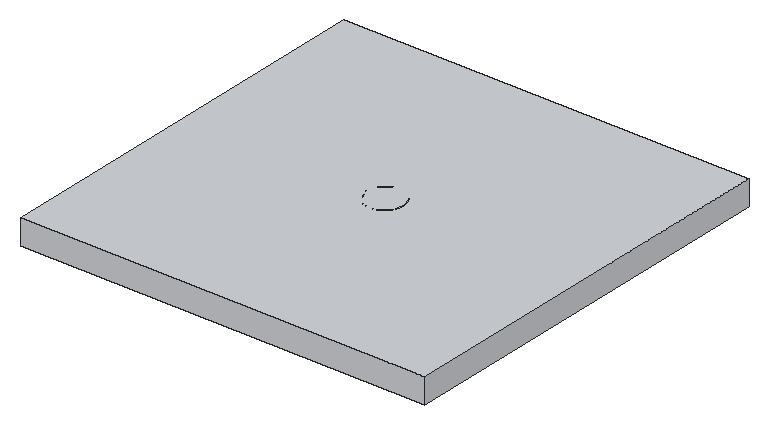
Revit family
Parameters (values of type "2"")
  WFU = 0
  URL = "WWW.MIFAB.COM"
  Top Assembly Height [instance] = 2.625"
  Top Assembly Diameter = 9.000"
  Pipe Radius = Pipe Diameter / 2  # 1.000"
  Pipe Diameter = 2.000"
  Model = "F1640"
  Manufacturer = "MIFAB"
  Floor Drain Material = Paint - Sherwin Williams Paint - #952C2A - Bellwood Red
  Description = "DUAL 12\" TOP ADJUSTABLE DRAIN SET"
  Default Elevation = 0.000"
  Body Height = 3.375"
Types (6): name | Pipe Radius | Pipe Diameter | Body Height
  (no name) | 1.000" | 2.000" | 3.375"
  2" | 1.000" | 2.000" | 3.375"
  3" | 1.500" | 3.000" | 3.375"
  4" | 2.000" | 4.000" | 3.375"
  5" | 2.500" | 5.000" | 3.375"
  6" | 3.000" | 6.000" | 4.750"
Reference planes (in)
  plane 1 "Center (Front/Back)": y = 0
  plane 2: z = 0
  plane 3 "Center (Left/Right)": x = 0
  plane 4: x = -4.5
  plane 5: x = 4.5
  plane 6: z = -2.625
  plane 7: z = -6
  plane 8: z = -1.2
  plane 9: x = -1
  plane 10: x = 1
  plane 11: x = -4
  plane 12: x = 4
  plane 13: z = -3.57789
Forms (in)
  Extrusion 1, solid
    sketch origin (0, 0, 0) x (1, 0, 0) y (0, 1, 0)
      loop
        line (-48, 48) -> (-48, -48) -> (48, -48) -> (48, 48) -> (-48, 48)
    from 0 to -6
  Revolve 2, solid, material "Paint - Sherwin Williams Paint - #952C2A - Bellwood Red" <- "Floor Drain Material"
    sketch origin (0, 0, 0) x (1, 0, 0) y (0, 0, 1)
      loop
        line (0, 0) -> (-4.5, 0) -> (-4.5, -1.2) -> (-3.32596, -1.58916) -> (-3.32596, -2.49) -> (-4, -2.49) -> (-4, -2.625) -> (-3.17596, -2.625) -> (-3.17596, -1) -> (-3.89375, -1) -> (-3.89375, -0.5) -> (-4.15, -0.5) -> (-4.15, -0.22031) -> (0, -0.22031) -> (0, 0)
      axis (0, 0) -> (0, -2.625)
    angle from 0 to 360
  Revolve 3, solid, material "Paint - Sherwin Williams Paint - #952C2A - Bellwood Red" <- "Floor Drain Material"
    sketch origin (0, 0, 0) x (1, 0, 0) y (0, 0, 1)
      loop
        line (-1.00083, -6) -> (-1.00083, -4.6448) -> (-3.43301, -3.9931) -> (-3.43301, -2.625) -> (-4, -2.625) -> (-4, -2.76) -> (-3.56801, -2.76) -> (-3.56801, -4.07838) -> (-1.13583, -4.73008) -> (-1.13583, -6) -> (-1.00083, -6)
      axis (0, -2.625) -> (0, -6)
    angle from 0 to 360
Lines and regions (in)
  symbolic lines
    curve 1: circle (0, 0, 0) r 4.5 normal (0, 0, 1)
Dimensions and locks (in)
  equal spacing: plane 5, plane 3 "Center (Left/Right)", plane 4
  "Top Assembly Diameter": plane 5 to plane 4
  "Top Assembly Height": Extrusion 1 to plane 6
  "Body Height": plane 6 to plane 7
  locked: Extrusion 1 to plane 8 at 1.2
  equal spacing: plane 10, plane 3 "Center (Left/Right)", plane 9
  "Pipe Diameter": plane 10 to plane 9
  equal spacing: plane 12, plane 3 "Center (Left/Right)", plane 11
  locked: plane 11 to plane 12 at 8
  Revolve 3 sketch curve to Revolve 3 sketch curve = 0.135"  (x3)
  Revolve 2 sketch curve to Revolve 2 sketch curve to Revolve 2 sketch curve to Revolve 2 sketch curve to plane 4 = 0.150", 0.56779", 0.25625", 0.350"
  angle Revolve 3 sketch curve to Revolve 3 sketch curve = 105.00°  (x2)
  aligned and locked: plane 2 to Extrusion 1
  aligned and locked: level to Extrusion 1
  aligned and locked: plane 3 "Center (Left/Right)" to Revolve 2 sketch curve
  aligned and locked: Revolve 2 sketch curve to plane 4
  aligned and locked: Revolve 2 sketch curve to plane 6
  aligned and locked: plane 11 to Revolve 2 sketch curve
Automatic sketch dimensions
  Extrusion 1 sketch curve to Extrusion 1 sketch curve = 96.000"  (x2)
  Revolve 3 sketch curve to plane 11 = 0.000"
  Revolve 3 sketch curve to plane 6 = 0.000"
  Revolve 3 sketch curve to plane 7 = 0.000"
  Revolve 3 sketch curve to plane 3 "Center (Left/Right)" = 0.000"
  plane 11 to Revolve 3 sketch curve = 0.43199"
  Revolve 3 sketch curve to plane 9 = 0.13583"
  Revolve 3 sketch curve to plane 7 = 18.000"
  Revolve 3 sketch curve to Revolve 3 sketch curve = 1.31838"
  Revolve 3 sketch curve to Revolve 3 sketch curve = 0.08529"
  level to Revolve 3 sketch curve = 102.71882"
  Revolve 2 sketch curve to plane 3 "Center (Left/Right)" = 0.000"
  Revolve 2 sketch curve to level = 0.000"
  plane 8 to Revolve 2 sketch curve = 0.200"
  Revolve 2 sketch curve to plane 7 = 18.000"
  plane 6 to Revolve 2 sketch curve = 0.135"
  Revolve 2 sketch curve to plane 8 = 0.38916"
  Revolve 2 sketch curve to level = 0.500"
  Revolve 2 sketch curve to level = 0.22031"
  Revolve 2 sketch curve to Revolve 2 sketch curve = 102.71882"
  Revolve 2 sketch curve to plane 4 = 0.000"
  Revolve 2 sketch curve to plane 8 = 0.000"  (x2)
  plane 1 "Center (Front/Back)" to curve 1 = 0.000"
  curve 1 to plane 3 "Center (Left/Right)" = 0.000"
  radius of curve 1 = 4.500"
Connectors (in)
  piping at (0, 0, -6), driven by "Pipe Radius", driven by "WFU"
    settings: on Revolve 3, index 1, connector radius 1", flow factor 0, pipe flow 0 GPM, pressure drop 0.00 psi, fitting loss kfactor 0, connector angle 0.00°, fixture units 0, flow configuration 3, flow direction 2, fitting loss method 0, system type 16, connector reference index -1, connector utility 0, adjustable connector no, is connector primary yes, fitting loss table "", connector description "Sanitary Out"
